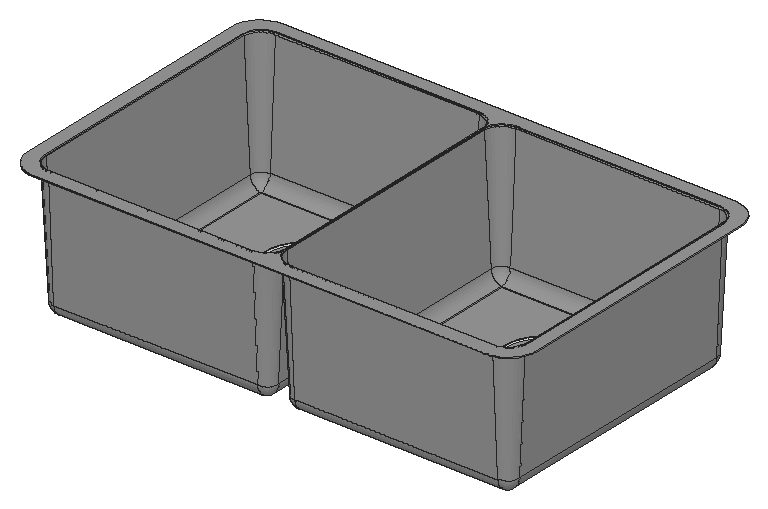
Revit family "SKS-KU726", category Plumbing Fixtures, host Face, Revit 2015
Parameters
  URL = "seima.com.au"
  Model = "SKS-KU726"
  Manufacturer = "SEIMA"
  Default Elevation = 900 mm
Reference planes
  plane 1 "Centro (Frente/Trás)": y = 0
  plane 2: z = 0
  plane 3 "Centro (Esquerda/Direita)": x = 0
  plane 4 "drain": z = -240.782
  plane 5: x = 171
  plane 6: x = -171
Forms (mm)
  Extrusion 1, solid, material "Padrão", not visible, detail levels fine
    sketch origin (0, 0, 0) x (1, 0, 0) y (0, 1, 0)
      loop
        line (-1500, 1500) -> (-1500, -1500) -> (1500, -1500) -> (1500, 1500) -> (-1500, 1500)
      loop
        line (-1450, 1450) -> (-1450, -1450) -> (1450, -1450) -> (1450, 1450) -> (-1450, 1450)
    from 0 to -175.6
  Sweep 2, solid
    path origin (171, 0, -24.198) x (1, 0, 0) y (0, 1, 0)
      loop
        circle (0, 0) r 59.669
    profile origin (171, 59.669, -24.198) x (0, -1, 0) y (0, 0, 1)
      loop
        line (0, -170.002) -> (0, -171.002) -> (3.149, -174.151) -> (14.172, -175.988) -> (14.172, -174.988) -> (3.149, -173.151) -> (0, -170.002)
  Sweep 3, solid
    path origin (-171, 0, -24.198) x (1, 0, 0) y (0, 1, 0)
      loop
        circle (0, 0) r 59.669
    profile origin (-171, 59.669, -24.198) x (0, -1, 0) y (0, 0, 1)
      loop
        line (0, -170.002) -> (0, -171.002) -> (3.149, -174.151) -> (14.172, -175.988) -> (14.172, -174.988) -> (3.149, -173.151) -> (0, -170.002)
  Extrusion 4, solid, material "SEIMA_STAINLESS_STEEL"
    sketch origin (0, 0, 0) x (1, 0, 0) y (0, 1, 0)
      loop
        arc (-323, 147.124) -> (-351.284, 135.408) -> (-363, 107.124) r 40
        line (-363, 107.124) -> (-363, -256.876)
        arc (-363, -256.876) -> (-351.284, -285.16) -> (-323, -296.876) r 40
        line (-323, -296.876) -> (323, -296.876)
        arc (323, -296.876) -> (351.284, -285.16) -> (363, -256.876) r 40
        line (363, -256.876) -> (363, 107.124)
        arc (363, 107.124) -> (351.284, 135.408) -> (323, 147.124) r 40
        line (323, 147.124) -> (-323, 147.124)
      loop
        line (316.872, 127.497) -> (26.741, 127.497)
        arc (26.741, 127.497) -> (8.002, 119.735) -> (0.241, 100.997) r 26.5
        line (0.241, 100.997) -> (0.241, -250.748)
        arc (0.241, -250.748) -> (8.002, -269.487) -> (26.741, -277.248) r 26.5
        line (26.741, -277.248) -> (316.872, -277.248)
        arc (316.872, -277.248) -> (335.611, -269.487) -> (343.372, -250.748) r 26.5
        line (343.372, -250.748) -> (343.372, 100.997)
        arc (343.372, 100.997) -> (335.611, 119.735) -> (316.872, 127.497) r 26.5
      loop
        arc (-316.872, 127.497) -> (-335.611, 119.735) -> (-343.372, 100.997) r 26.5
        line (-343.372, 100.997) -> (-343.372, -250.748)
        arc (-343.372, -250.748) -> (-335.611, -269.487) -> (-316.872, -277.248) r 26.5
        line (-316.872, -277.248) -> (-26.741, -277.248)
        arc (-26.741, -277.248) -> (-8.002, -269.487) -> (-0.241, -250.748) r 26.5
        line (-0.241, -250.748) -> (-0.241, 100.997)
        arc (-0.241, 100.997) -> (-8.002, 119.735) -> (-26.741, 127.497) r 26.5
        line (-26.741, 127.497) -> (-316.872, 127.497)
    from -0.8 to 0
  Sweep 5, solid, material "SEIMA_STAINLESS_STEEL"
    path origin (-0.557, 0, 0) x (1, 0, 0) y (0, 1, 0)
      loop
        arc (343.929, 100.997) -> (336.167, 119.735) -> (317.429, 127.497) r 26.5
        line (317.429, 127.497) -> (26.797, 127.497)
        arc (26.797, 127.497) -> (8.413, 119.881) -> (0.797, 101.497) r 26
        line (0.797, 101.497) -> (0.797, -250.748)
        arc (0.797, -250.748) -> (8.559, -269.487) -> (27.297, -277.248) r 26.5
        line (27.297, -277.248) -> (317.429, -277.248)
        arc (317.429, -277.248) -> (336.167, -269.487) -> (343.929, -250.748) r 26.5
        line (343.929, -250.748) -> (343.929, 100.997)
    profile origin (343.372, -74.876, 0) x (1, 0, 0) y (0, 0, 1)
      loop
        line (0, -1.6) -> (0, -0.8)
        spline (0, -0.8) -> (-0.178, -0.815) -> (-0.353, -0.853) -> (-0.521, -0.914) -> (-0.68, -1) -> (-0.824, -1.108) -> (-0.951, -1.234) -> (-1.06, -1.374) -> (-1.153, -1.527) -> (-1.23, -1.691) -> (-1.294, -1.864) -> (-1.346, -2.046) -> (-1.388, -2.238)
        line (-1.388, -2.238) -> (-10.382, -175.814)
        arc (-10.382, -175.814) -> (-14.939, -187.52) -> (-25.578, -194.2) r 20
        line (-25.578, -194.2) -> (-25.578, -195)
        arc (-25.578, -195) -> (-14.385, -188.083) -> (-9.582, -175.832) r 20.8
        line (-9.582, -175.832) -> (-0.586, -2.235) -> (0, -1.6)
  Extrusion 6, solid, material "SEIMA_STAINLESS_STEEL"
    sketch origin (0, 0, 0) x (1, 0, 0) y (0, 1, 0)
      loop
        line (25.819, 101.919) -> (25.819, -251.67) -> (317.794, -251.67) -> (317.794, 101.919) -> (25.819, 101.919)
      loop
        circle (171, 0) r 59.669
    from -195 to -194.2
  Sweep 7, solid, material "SEIMA_STAINLESS_STEEL"
    path origin (0.557, 0, 0) x (-1, 0, 0) y (0, 1, 0)
      loop
        arc (343.929, 100.997) -> (336.167, 119.735) -> (317.429, 127.497) r 26.5
        line (317.429, 127.497) -> (26.797, 127.497)
        arc (26.797, 127.497) -> (8.413, 119.881) -> (0.797, 101.497) r 26
        line (0.797, 101.497) -> (0.797, -250.748)
        arc (0.797, -250.748) -> (8.559, -269.487) -> (27.297, -277.248) r 26.5
        line (27.297, -277.248) -> (317.429, -277.248)
        arc (317.429, -277.248) -> (336.167, -269.487) -> (343.929, -250.748) r 26.5
        line (343.929, -250.748) -> (343.929, 100.997)
    profile origin (-343.372, -74.876, 0) x (1, 0, 0) y (0, 0, 1)
      loop
        line (0, -1.6) -> (0.586, -2.235) -> (9.582, -175.832)
        arc (9.582, -175.832) -> (14.385, -188.083) -> (25.578, -195) r 20.8
        line (25.578, -195) -> (25.578, -194.2)
        arc (25.578, -194.2) -> (14.939, -187.52) -> (10.382, -175.814) r 20
        line (10.382, -175.814) -> (1.388, -2.238)
        spline (1.388, -2.238) -> (1.346, -2.046) -> (1.294, -1.864) -> (1.23, -1.691) -> (1.153, -1.527) -> (1.06, -1.374) -> (0.951, -1.234) -> (0.824, -1.108) -> (0.68, -1) -> (0.521, -0.914) -> (0.353, -0.853) -> (0.178, -0.815) -> (0, -0.8)
        line (0, -0.8) -> (0, -1.6)
  Extrusion 8, solid, material "SEIMA_STAINLESS_STEEL"
    sketch origin (0, 0, 0) x (-1, 0, 0) y (0, -1, 0)
      loop
        line (25.819, -101.919) -> (317.794, -101.919) -> (317.794, 251.67) -> (25.819, 251.67) -> (25.819, -101.919)
      loop
        circle (171, 0) r 59.669
    from -195 to -194.2
Dimensions and locks
  aligned and locked: plane 2 to Extrusion 1
  aligned and locked: level to Extrusion 1
Nested families
  nested 1: "basket_waste" at (171, 0, -195.782), type "basket_waste", detail levels fine
  nested 2: "basket_waste" at (-171, 0, -195.782), type "basket_waste", detail levels fine
Connectors
  piping at (-171, 0, -240.782), diameter 40
    settings: index 1, connector inside diameter 609.6 mm, connector length 0 mm, flow factor 0, pipe flow 0.0 L/s, pressure drop 0.0 Pa, fitting loss kfactor 0, connector angle 0.00°, fixture units 0, engagement length 0 mm, angle of deflection 0.00°, flow configuration 0, flow direction 2, fitting loss method 0, system type 16, joint type 0, gender type 0, connector reference index -1, connector utility 0, adjustable connector no, is connector primary yes, connector description ""
  piping at (171, 0, -240.782), diameter 40
    settings: index 2, connector inside diameter 609.6 mm, connector length 0 mm, flow factor 0, pipe flow 0.0 L/s, pressure drop 0.0 Pa, fitting loss kfactor 0, connector angle 0.00°, fixture units 0, engagement length 0 mm, angle of deflection 0.00°, flow configuration 0, flow direction 2, fitting loss method 0, system type 16, joint type 0, gender type 0, connector reference index -1, connector utility 0, adjustable connector no, is connector primary no, connector description ""
Definition of nested family "basket_waste"
  Parameters (values of type "basket_waste")
    Default Elevation = 1219.2 mm
  Reference planes
    plane 1 "Centro (Frente/Trás)": y = 0
    plane 2: z = 0
    plane 3 "Centro (Esquerda/Direita)": x = 0
  Forms (mm)
    Extrusion 1, solid
      sketch origin (0, 0, 0) x (1, 0, 0) y (0, 1, 0)
        loop
          line (-120, 140) -> (-120, -133.115) -> (112.501, -133.115) -> (112.501, 140) -> (-120, 140)
      from 0 to -304.8
    Revolve 2, solid
      sketch origin (0, 0, 0) x (0, 1, 0) y (0, 0, 1)
        loop
          line (-50.396, 0) -> (-57.813, 0) -> (-43.273, -1.577)
          arc (-43.273, -1.577) -> (-40.091, -3.209) -> (-38.812, -6.548) r 5
          line (-38.812, -6.548) -> (-38.813, -20)
          arc (-38.813, -20) -> (-36.08, -26.869) -> (-29.375, -29.984) r 10
          arc (-29.375, -29.984) -> (-25.823, -31.659) -> (-24.375, -35.3) r 5.3
          line (-24.375, -35.3) -> (-24.375, -41.7)
          arc (-24.375, -41.7) -> (-23.408, -44.033) -> (-21.075, -45) r 3.3
          line (-21.075, -45) -> (0, -45) -> (0, -44.2) -> (-21.075, -44.2)
          arc (-21.075, -44.2) -> (-22.843, -43.468) -> (-23.575, -41.7) r 2.5
          line (-23.575, -41.7) -> (-23.575, -35.3)
          arc (-23.575, -35.3) -> (-25.242, -31.11) -> (-29.332, -29.21) r 6.1
          arc (-29.332, -29.21) -> (-35.498, -26.32) -> (-38.013, -20) r 9.2
          line (-38.013, -20) -> (-38.012, -6.548)
          arc (-38.012, -6.548) -> (-39.496, -2.675) -> (-43.187, -0.782) r 5.8
          line (-43.187, -0.782) -> (-50.396, 0)
        axis (0, 0) -> (0, -45)
      angle from 0 to 360
    Revolve 3, solid
      sketch origin (0, 0, 0) x (0, 1, 0) y (0, 0, 1)
        loop
          line (-20.985, -33.693) -> (0, -33.693) -> (0, -14.506) -> (-6.884, -14.506)
          arc (-6.884, -14.506) -> (-7.986, -14.962) -> (-8.442, -16.064) r 1.558
          line (-8.442, -16.064) -> (-6.571, -16.064)
          spline (-6.571, -16.064) -> (-6.214, -17.343) -> (-5.932, -18.652) -> (-5.723, -19.991) -> (-5.588, -21.36) -> (-5.527, -22.759) -> (-5.541, -24.188) -> (-5.628, -25.648) -> (-5.79, -27.137) -> (-6.025, -28.656) -> (-6.335, -30.205) -> (-6.719, -31.784) -> (-7.177, -33.393)
          line (-7.177, -33.393) -> (-20.792, -33.393)
          spline (-20.792, -33.393) -> (-21.995, -31.218) -> (-23.476, -29.492) -> (-25.148, -28.128) -> (-26.926, -27.035) -> (-28.727, -26.123) -> (-30.47, -25.298) -> (-32.074, -24.468) -> (-33.466, -23.552) -> (-34.575, -22.468) -> (-35.333, -21.13) -> (-35.684, -19.424) -> (-35.551, -17.238)
          arc (-35.551, -17.238) -> (-35.791, -16.502) -> (-36.46, -16.113) r 1.086
          arc (-36.46, -16.113) -> (-36.013, -16.568) -> (-35.849, -17.185) r 1.246
          spline (-35.849, -17.185) -> (-35.994, -19.459) -> (-35.625, -21.267) -> (-34.82, -22.699) -> (-33.659, -23.846) -> (-32.22, -24.8) -> (-30.582, -25.651) -> (-28.823, -26.49) -> (-27.023, -27.409) -> (-25.261, -28.497) -> (-23.614, -29.847) -> (-22.163, -31.548) -> (-20.985, -33.693)
        axis (0, -14.506) -> (0, -33.693)
      angle from 0 to 360
    Extrusion 4, void
      sketch origin (0, 0, 0) x (1, 0, 0) y (0, 1, 0)
        loop
          spline (-1, -32.405) -> (-0.966, -32.69) -> (-0.866, -32.957) -> (-0.707, -33.185) -> (-0.5, -33.361) -> (-0.259, -33.471) -> (0, -33.509) -> (0.259, -33.471) -> (0.5, -33.361) -> (0.707, -33.185) -> (0.866, -32.957) -> (0.966, -32.69) -> (1, -32.405)
          line (1, -32.405) -> (1, -12.995)
          spline (1, -12.995) -> (0.966, -12.709) -> (0.866, -12.443) -> (0.707, -12.214) -> (0.5, -12.038) -> (0.259, -11.928) -> (0, -11.89) -> (-0.259, -11.928) -> (-0.5, -12.038) -> (-0.707, -12.214) -> (-0.866, -12.443) -> (-0.966, -12.709) -> (-1, -12.995)
          line (-1, -12.995) -> (-1, -32.405)
        loop
          spline (10.143, -30.792) -> (10.273, -31.049) -> (10.458, -31.265) -> (10.686, -31.426) -> (10.94, -31.52) -> (11.205, -31.541) -> (11.461, -31.488) -> (11.691, -31.364) -> (11.88, -31.178) -> (12.015, -30.942) -> (12.086, -30.673) -> (12.088, -30.389) -> (12.023, -30.108)
          line (12.023, -30.108) -> (5.384, -11.869)
          spline (5.384, -11.869) -> (5.254, -11.612) -> (5.069, -11.396) -> (4.842, -11.235) -> (4.587, -11.141) -> (4.323, -11.12) -> (4.067, -11.173) -> (3.836, -11.297) -> (3.648, -11.483) -> (3.513, -11.719) -> (3.442, -11.988) -> (3.439, -12.273) -> (3.505, -12.553)
          line (3.505, -12.553) -> (10.143, -30.792)
        loop
          spline (20.063, -25.466) -> (20.273, -25.663) -> (20.521, -25.803) -> (20.79, -25.876) -> (21.061, -25.877) -> (21.317, -25.807) -> (21.539, -25.669) -> (21.713, -25.474) -> (21.827, -25.235) -> (21.873, -24.967) -> (21.848, -24.69) -> (21.753, -24.421) -> (21.595, -24.181)
          line (21.595, -24.181) -> (9.119, -9.312)
          spline (9.119, -9.312) -> (8.909, -9.115) -> (8.661, -8.975) -> (8.393, -8.902) -> (8.121, -8.901) -> (7.865, -8.971) -> (7.643, -9.109) -> (7.469, -9.304) -> (7.355, -9.543) -> (7.309, -9.811) -> (7.335, -10.088) -> (7.429, -10.356) -> (7.587, -10.597)
          line (7.587, -10.597) -> (20.063, -25.466)
        loop
          spline (27.563, -17.068) -> (27.828, -17.182) -> (28.108, -17.228) -> (28.386, -17.205) -> (28.641, -17.114) -> (28.858, -16.96) -> (29.02, -16.754) -> (29.116, -16.512) -> (29.141, -16.247) -> (29.093, -15.98) -> (28.974, -15.728) -> (28.794, -15.509) -> (28.563, -15.336)
          line (28.563, -15.336) -> (11.754, -5.631)
          spline (11.754, -5.631) -> (11.489, -5.518) -> (11.209, -5.471) -> (10.931, -5.495) -> (10.676, -5.586) -> (10.459, -5.74) -> (10.297, -5.945) -> (10.201, -6.188) -> (10.176, -6.452) -> (10.224, -6.719) -> (10.343, -6.971) -> (10.523, -7.191) -> (10.754, -7.363)
          line (10.754, -7.363) -> (27.563, -17.068)
        loop
          spline (31.739, -6.612) -> (32.026, -6.628) -> (32.306, -6.576) -> (32.559, -6.459) -> (32.767, -6.285) -> (32.918, -6.067) -> (33, -5.819) -> (33.008, -5.557) -> (32.941, -5.301) -> (32.804, -5.066) -> (32.606, -4.87) -> (32.362, -4.725) -> (32.086, -4.642)
          line (32.086, -4.642) -> (12.971, -1.272)
          spline (12.971, -1.272) -> (12.684, -1.256) -> (12.404, -1.308) -> (12.151, -1.425) -> (11.942, -1.598) -> (11.792, -1.816) -> (11.71, -2.065) -> (11.702, -2.326) -> (11.769, -2.583) -> (11.906, -2.817) -> (12.103, -3.014) -> (12.348, -3.158) -> (12.624, -3.241)
          line (12.624, -3.241) -> (31.739, -6.612)
        loop
          spline (32.086, 4.642) -> (32.362, 4.725) -> (32.606, 4.87) -> (32.804, 5.066) -> (32.941, 5.301) -> (33.008, 5.557) -> (33, 5.819) -> (32.918, 6.067) -> (32.767, 6.285) -> (32.559, 6.459) -> (32.306, 6.576) -> (32.026, 6.628) -> (31.739, 6.612)
          line (31.739, 6.612) -> (12.624, 3.241)
          spline (12.624, 3.241) -> (12.348, 3.158) -> (12.103, 3.014) -> (11.906, 2.817) -> (11.769, 2.583) -> (11.702, 2.326) -> (11.71, 2.065) -> (11.792, 1.816) -> (11.942, 1.598) -> (12.151, 1.425) -> (12.404, 1.308) -> (12.684, 1.256) -> (12.971, 1.272)
          line (12.971, 1.272) -> (32.086, 4.642)
        loop
          spline (28.563, 15.336) -> (28.794, 15.509) -> (28.974, 15.728) -> (29.093, 15.98) -> (29.141, 16.247) -> (29.116, 16.512) -> (29.02, 16.754) -> (28.858, 16.96) -> (28.641, 17.114) -> (28.386, 17.205) -> (28.108, 17.228) -> (27.828, 17.182) -> (27.563, 17.068)
          line (27.563, 17.068) -> (10.754, 7.363)
          spline (10.754, 7.363) -> (10.523, 7.191) -> (10.343, 6.971) -> (10.224, 6.719) -> (10.176, 6.452) -> (10.201, 6.188) -> (10.297, 5.945) -> (10.459, 5.74) -> (10.676, 5.586) -> (10.931, 5.495) -> (11.209, 5.471) -> (11.489, 5.518) -> (11.754, 5.631)
          line (11.754, 5.631) -> (28.563, 15.336)
        loop
          spline (21.595, 24.181) -> (21.753, 24.421) -> (21.848, 24.69) -> (21.873, 24.967) -> (21.827, 25.235) -> (21.713, 25.474) -> (21.539, 25.669) -> (21.317, 25.807) -> (21.061, 25.877) -> (20.79, 25.876) -> (20.521, 25.803) -> (20.273, 25.663) -> (20.063, 25.466)
          line (20.063, 25.466) -> (7.587, 10.597)
          spline (7.587, 10.597) -> (7.429, 10.356) -> (7.335, 10.088) -> (7.309, 9.811) -> (7.355, 9.543) -> (7.469, 9.304) -> (7.643, 9.109) -> (7.865, 8.971) -> (8.121, 8.901) -> (8.393, 8.902) -> (8.661, 8.975) -> (8.909, 9.115) -> (9.119, 9.312)
          line (9.119, 9.312) -> (21.595, 24.181)
        loop
          spline (12.023, 30.108) -> (12.088, 30.389) -> (12.086, 30.673) -> (12.015, 30.942) -> (11.88, 31.178) -> (11.691, 31.364) -> (11.461, 31.488) -> (11.205, 31.541) -> (10.94, 31.52) -> (10.686, 31.426) -> (10.458, 31.265) -> (10.273, 31.049) -> (10.143, 30.792)
          line (10.143, 30.792) -> (3.505, 12.553)
          spline (3.505, 12.553) -> (3.439, 12.273) -> (3.442, 11.988) -> (3.513, 11.719) -> (3.648, 11.483) -> (3.836, 11.297) -> (4.067, 11.173) -> (4.323, 11.12) -> (4.587, 11.141) -> (4.842, 11.235) -> (5.069, 11.396) -> (5.254, 11.612) -> (5.384, 11.869)
          line (5.384, 11.869) -> (12.023, 30.108)
        loop
          spline (1, 32.405) -> (0.966, 32.69) -> (0.866, 32.957) -> (0.707, 33.185) -> (0.5, 33.361) -> (0.259, 33.471) -> (0, 33.509) -> (-0.259, 33.471) -> (-0.5, 33.361) -> (-0.707, 33.185) -> (-0.866, 32.957) -> (-0.966, 32.69) -> (-1, 32.405)
          line (-1, 32.405) -> (-1, 12.995)
          spline (-1, 12.995) -> (-0.966, 12.709) -> (-0.866, 12.443) -> (-0.707, 12.214) -> (-0.5, 12.038) -> (-0.259, 11.928) -> (0, 11.89) -> (0.259, 11.928) -> (0.5, 12.038) -> (0.707, 12.214) -> (0.866, 12.443) -> (0.966, 12.709) -> (1, 12.995)
          line (1, 12.995) -> (1, 32.405)
        loop
          line (-10.143, -30.792) -> (-3.505, -12.553)
          spline (-3.505, -12.553) -> (-3.439, -12.273) -> (-3.442, -11.988) -> (-3.513, -11.719) -> (-3.648, -11.483) -> (-3.836, -11.297) -> (-4.067, -11.173) -> (-4.323, -11.12) -> (-4.587, -11.141) -> (-4.842, -11.235) -> (-5.069, -11.396) -> (-5.254, -11.612) -> (-5.384, -11.869)
          line (-5.384, -11.869) -> (-12.023, -30.108)
          spline (-12.023, -30.108) -> (-12.088, -30.389) -> (-12.086, -30.673) -> (-12.015, -30.942) -> (-11.88, -31.178) -> (-11.691, -31.364) -> (-11.461, -31.488) -> (-11.205, -31.541) -> (-10.94, -31.52) -> (-10.686, -31.426) -> (-10.458, -31.265) -> (-10.273, -31.049) -> (-10.143, -30.792)
        loop
          line (-20.063, -25.466) -> (-7.587, -10.597)
          spline (-7.587, -10.597) -> (-7.429, -10.356) -> (-7.335, -10.088) -> (-7.309, -9.811) -> (-7.355, -9.543) -> (-7.469, -9.304) -> (-7.643, -9.109) -> (-7.865, -8.971) -> (-8.121, -8.901) -> (-8.393, -8.902) -> (-8.661, -8.975) -> (-8.909, -9.115) -> (-9.119, -9.312)
          line (-9.119, -9.312) -> (-21.595, -24.181)
          spline (-21.595, -24.181) -> (-21.753, -24.421) -> (-21.848, -24.69) -> (-21.873, -24.967) -> (-21.827, -25.235) -> (-21.713, -25.474) -> (-21.539, -25.669) -> (-21.317, -25.807) -> (-21.061, -25.877) -> (-20.79, -25.876) -> (-20.521, -25.803) -> (-20.273, -25.663) -> (-20.063, -25.466)
        loop
          line (-27.563, -17.068) -> (-10.754, -7.363)
          spline (-10.754, -7.363) -> (-10.523, -7.191) -> (-10.343, -6.971) -> (-10.224, -6.719) -> (-10.176, -6.452) -> (-10.201, -6.188) -> (-10.297, -5.945) -> (-10.459, -5.74) -> (-10.676, -5.586) -> (-10.931, -5.495) -> (-11.209, -5.471) -> (-11.489, -5.518) -> (-11.754, -5.631)
          line (-11.754, -5.631) -> (-28.563, -15.336)
          spline (-28.563, -15.336) -> (-28.794, -15.509) -> (-28.974, -15.728) -> (-29.093, -15.98) -> (-29.141, -16.247) -> (-29.116, -16.512) -> (-29.02, -16.754) -> (-28.858, -16.96) -> (-28.641, -17.114) -> (-28.386, -17.205) -> (-28.108, -17.228) -> (-27.828, -17.182) -> (-27.563, -17.068)
        loop
          line (-31.739, -6.612) -> (-12.624, -3.241)
          spline (-12.624, -3.241) -> (-12.348, -3.158) -> (-12.103, -3.014) -> (-11.906, -2.817) -> (-11.769, -2.583) -> (-11.702, -2.326) -> (-11.71, -2.065) -> (-11.792, -1.816) -> (-11.942, -1.598) -> (-12.151, -1.425) -> (-12.404, -1.308) -> (-12.684, -1.256) -> (-12.971, -1.272)
          line (-12.971, -1.272) -> (-32.086, -4.642)
          spline (-32.086, -4.642) -> (-32.362, -4.725) -> (-32.606, -4.87) -> (-32.804, -5.066) -> (-32.941, -5.301) -> (-33.008, -5.557) -> (-33, -5.819) -> (-32.918, -6.067) -> (-32.767, -6.285) -> (-32.559, -6.459) -> (-32.306, -6.576) -> (-32.026, -6.628) -> (-31.739, -6.612)
        loop
          line (-32.086, 4.642) -> (-12.971, 1.272)
          spline (-12.971, 1.272) -> (-12.684, 1.256) -> (-12.404, 1.308) -> (-12.151, 1.425) -> (-11.942, 1.598) -> (-11.792, 1.816) -> (-11.71, 2.065) -> (-11.702, 2.326) -> (-11.769, 2.583) -> (-11.906, 2.817) -> (-12.103, 3.014) -> (-12.348, 3.158) -> (-12.624, 3.241)
          line (-12.624, 3.241) -> (-31.739, 6.612)
          spline (-31.739, 6.612) -> (-32.026, 6.628) -> (-32.306, 6.576) -> (-32.559, 6.459) -> (-32.767, 6.285) -> (-32.918, 6.067) -> (-33, 5.819) -> (-33.008, 5.557) -> (-32.941, 5.301) -> (-32.804, 5.066) -> (-32.606, 4.87) -> (-32.362, 4.725) -> (-32.086, 4.642)
        loop
          line (-28.563, 15.336) -> (-11.754, 5.631)
          spline (-11.754, 5.631) -> (-11.489, 5.518) -> (-11.209, 5.471) -> (-10.931, 5.495) -> (-10.676, 5.586) -> (-10.459, 5.74) -> (-10.297, 5.945) -> (-10.201, 6.188) -> (-10.176, 6.452) -> (-10.224, 6.719) -> (-10.343, 6.971) -> (-10.523, 7.191) -> (-10.754, 7.363)
          line (-10.754, 7.363) -> (-27.563, 17.068)
          spline (-27.563, 17.068) -> (-27.828, 17.182) -> (-28.108, 17.228) -> (-28.386, 17.205) -> (-28.641, 17.114) -> (-28.858, 16.96) -> (-29.02, 16.754) -> (-29.116, 16.512) -> (-29.141, 16.247) -> (-29.093, 15.98) -> (-28.974, 15.728) -> (-28.794, 15.509) -> (-28.563, 15.336)
        loop
          line (-21.595, 24.181) -> (-9.119, 9.312)
          spline (-9.119, 9.312) -> (-8.909, 9.115) -> (-8.661, 8.975) -> (-8.393, 8.902) -> (-8.121, 8.901) -> (-7.865, 8.971) -> (-7.643, 9.109) -> (-7.469, 9.304) -> (-7.355, 9.543) -> (-7.309, 9.811) -> (-7.335, 10.088) -> (-7.429, 10.356) -> (-7.587, 10.597)
          line (-7.587, 10.597) -> (-20.063, 25.466)
          spline (-20.063, 25.466) -> (-20.273, 25.663) -> (-20.521, 25.803) -> (-20.79, 25.876) -> (-21.061, 25.877) -> (-21.317, 25.807) -> (-21.539, 25.669) -> (-21.713, 25.474) -> (-21.827, 25.235) -> (-21.873, 24.967) -> (-21.848, 24.69) -> (-21.753, 24.421) -> (-21.595, 24.181)
        loop
          line (-12.023, 30.108) -> (-5.384, 11.869)
          spline (-5.384, 11.869) -> (-5.254, 11.612) -> (-5.069, 11.396) -> (-4.842, 11.235) -> (-4.587, 11.141) -> (-4.323, 11.12) -> (-4.067, 11.173) -> (-3.836, 11.297) -> (-3.648, 11.483) -> (-3.513, 11.719) -> (-3.442, 11.988) -> (-3.439, 12.273) -> (-3.505, 12.553)
          line (-3.505, 12.553) -> (-10.143, 30.792)
          spline (-10.143, 30.792) -> (-10.273, 31.049) -> (-10.458, 31.265) -> (-10.686, 31.426) -> (-10.94, 31.52) -> (-11.205, 31.541) -> (-11.461, 31.488) -> (-11.691, 31.364) -> (-11.88, 31.178) -> (-12.015, 30.942) -> (-12.086, 30.673) -> (-12.088, 30.389) -> (-12.023, 30.108)
      from -35 to -13.692
    Extrusion 5, void
      sketch origin (0, 0, 0) x (1, 0, 0) y (0, 1, 0)
        loop
          circle (0.008, -0.062) r 3.997
        loop
          line (16.52, -10.641) -> (7.939, -7.679)
          arc (7.939, -7.679) -> (6.466, -8.962) -> (4.789, -9.965) r 10.997
          line (4.789, -9.965) -> (4.942, -19.041)
          arc (4.942, -19.041) -> (11.524, -15.934) -> (16.52, -10.641) r 19.61
        loop
          line (-4.95, -19.035) -> (-4.786, -9.958)
          arc (-4.786, -9.958) -> (-6.461, -8.954) -> (-7.933, -7.669) r 10.997
          line (-7.933, -7.669) -> (-16.518, -10.619)
          arc (-16.518, -10.619) -> (-11.529, -15.919) -> (-4.95, -19.035) r 19.61
        loop
          line (-19.568, -1.209) -> (-10.885, 1.44)
          arc (-10.885, 1.44) -> (-10.448, 3.344) -> (-9.68, 5.14) r 10.997
          line (-9.68, 5.14) -> (-15.139, 12.394)
          arc (-15.139, 12.394) -> (-18.638, 6.011) -> (-19.568, -1.209) r 19.61
        loop
          line (-7.132, 18.203) -> (-1.93, 10.763)
          arc (-1.93, 10.763) -> (0.016, 10.935) -> (1.961, 10.76) r 10.997
          line (1.961, 10.76) -> (7.173, 18.193)
          arc (7.173, 18.193) -> (0.021, 19.549) -> (-7.132, 18.203) r 19.61
        loop
          line (15.172, 12.373) -> (9.704, 5.127)
          arc (9.704, 5.127) -> (10.469, 3.33) -> (10.904, 1.425) r 10.997
          line (10.904, 1.425) -> (19.584, -1.235)
          arc (19.584, -1.235) -> (18.663, 5.986) -> (15.172, 12.373) r 19.61
      from -49.503 to -41.931
    Sweep 6, solid
      path origin (0, 0, 0) x (1, 0, 0) y (0, 1, 0)
        loop
          circle (0, 0) r 22
      profile origin (0, 22, 0) x (0, -1, 0) y (0, 0, 1)
        loop
          line (0.59, -45) -> (0.59, -47.5) -> (1.39, -47.5) -> (1.39, -45) -> (0.59, -45)
  Cuts and joins
    Extrusion 4 cuts Revolve 3
    Extrusion 5 cuts Revolve 2
  Dimensions and locks
    aligned and locked: plane 2 to Extrusion 1
    aligned and locked: level to Extrusion 1
